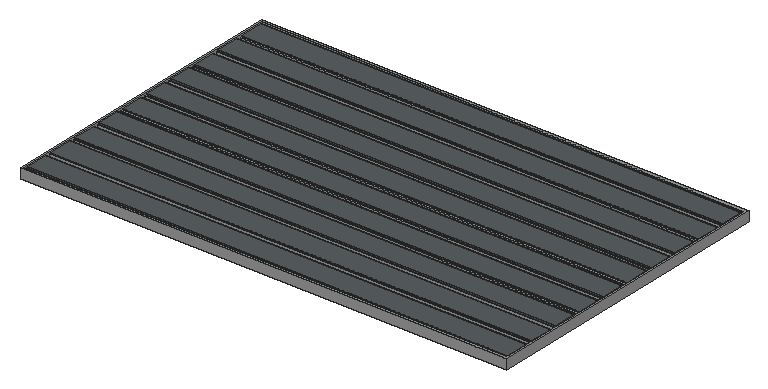
Revit family "Flooring_Entrance-Flooring_emco_DIPLOMAT-Original", category Furniture Systems, host Face, Revit 2018
Family settings
  Host = Face
  Round Connector Dimension = Use Diameter
  Part Type = Normal
  OmniClass Number = 23.15.17.11.11
  OmniClass Title = Floor Toppings
  Cut with Voids When Loaded = No
  Shared = No
  Room Calculation Point = No
Parameters (values of type "Default - please load Revit Family Type Catalog")
  z_slot_width = if(Scraping edge, 15 mm, if(Brush strip, 19.5 mm, 5 mm))  # 5 mm
  z_slot_offest = z_insert_width + z_slot_width / 2  # 46.5 mm
  z_slot_no [instance] = z_insert_no - 1  # 9
  z_length_param [instance] = z_insert_no * z_insert_offset - z_insert_offset + z_insert_width + 10 mm  # 495 mm
  z_insert_length [instance] = Width - 10 mm  # 790 mm
  z_insert_width = if(Large, 44 mm, 27.5 mm)  # 44 mm
  z_insert_offset = z_insert_width + z_slot_width  # 49 mm
  z_insert_no [instance] = rounddown((Length - 10 mm - z_insert_width) / z_insert_offset) + 1  # 10
  z_edge_height = if(Height 12, 15.5 mm, if(Height 17, 20 mm, 25 mm))  # 15.5 mm
  z_Height = if(Height 12, 12 mm, if(Height 17, 17 mm, 22 mm))  # 12 mm
  Width [instance] = 800 mm
  Weight (kg/m2) = 77
  Version = 1
  URL = "https://www.emco-bau.com/en/"
  Tread surface = "Recessed, robust, weather-proof, ribbed carpet strips."
  Standard profile clearance approx. (mm) = "5 mm, rubber spacers"  # constant formula
  Slip resistance = "R 11 slip resistance as per DIN 51130"
  Scraping edge = no
  Profile width (mm) = "44 mm"
  Profile Material = Emco - Metal - Aluminium
  Product data url = "https://bimobject.com/emco-bautechnik-gmbh/product/emco-diplomat-original"
  Product Material info [instance] = "Please choose the material from Emco material library according to the selected type."  # constant formula
  Product Material [instance] = Emco - Fabric - Ribbed carpet - 200 Anthracite
  Pile material = "100% PP (polypropylene)"
  Normal = not(Large)  # no
  Model = "Large With ribbed carpet insert 512 LR"
  Manufacturer = "Emco"  # constant formula
  Length [instance] = 500 mm
  Large = yes
  Keynote = "12480.A1"
  Height 22 = no
  Height 17 = no
  Height 12 = yes
  Flammability = "Insert for Light Grey and Anthracite ribbed carpet colours available on request (surcharge applicable) with fire classification Cfl-s1 according to EN 13501."
  EPIMID = "99817"
  Description = "Rollable and hard-wearing original entrance mat with standard insert for supported installation options."  # constant formula
  Default Elevation = 1219.2 mm
  Date Updated = "2023/08/22"  # constant formula
  Date Created = "2023/08/22"  # constant formula
  Colour fastness to water ISO 105 E01 = "good 5"
  Colour fastness to rubbing ISO 105 X12 = "good 4"
  Colour fastness to artificial light ISO 105-B02 = "good 6"
  Cassette brush = no
  Brush Colour Info [instance] = "Black or Gray"  # constant formula
  Brush Colour [instance] = Emco - Brush - Gray
  Brush strip = no
  Assembly Code = "E2010400"
Reference planes
  plane 1 "Center (Front/Back)": y = 0
  plane 2: z = 0
  plane 3 "Center (Left/Right)": x = 0
  plane 4: y = -247.5
  plane 5: y = 247.5
  plane 6: y = 250
  plane 7: y = -250
  plane 8: x = -400
  plane 9: x = 400
  plane 10: z = -12.5
  plane 11: y = -242.5
  plane 12: z = -15.5
  plane 13: y = -196
Forms (mm)
  Extrusion 1, void
    sketch origin (0, 0, 0) x (1, 0, 0) y (0, 1, 0)
      loop
        line (-400, -247.5) -> (400, -247.5) -> (400, 247.5) -> (-400, 247.5) -> (-400, -247.5)
    from -15.5 to 0
  Sweep 2, solid, material "Emco - Metal - Aluminium" <- "Profile Material"
    path origin (0, 0, 0) x (1, 0, 0) y (0, 1, 0)
      loop
        line (-400, 247.5) -> (-400, -247.5) -> (400, -247.5) -> (400, 247.5) -> (-400, 247.5)
    profile origin (0, 247.5, 0) x (0, 1, 0) y (0, 0, 1)
      loop
        line (-16.883, -12.5) -> (-16.883, -15.5) -> (0, -15.5) -> (0, 0) -> (-3.039, 0) -> (-3.039, -12.5) -> (-16.883, -12.5)
Lines and regions (mm)
  Masking region 1
    outline origin (0, 0, 0) x (1, 0, 0) y (0, 1, 0)
      loop
        line (-400, -247.5) -> (400, -247.5) -> (400, 247.5) -> (-400, 247.5) -> (-400, -247.5)
      loop
        line (-395, 242.5) -> (-395, -242.5) -> (395, -242.5) -> (395, 242.5) -> (-395, 242.5)
  reference lines
    curve 1: line (0, 0, -15.5) -> (0, 0, 4.5)
Dimensions and locks
  equal spacing: plane 5, plane 1 "Center (Front/Back)", plane 4
  "z_length_param": plane 5 to plane 4
  equal spacing: plane 6, plane 1 "Center (Front/Back)", plane 7
  "Length": plane 6 to plane 7
  equal spacing: plane 8, plane 3 "Center (Left/Right)", plane 9
  "Width": plane 8 to plane 9
  locked: plane 10 to Sweep 2 sketch curve at 3
  "z_edge_height": Sweep 2 sketch curve to Sweep 2 sketch curve
  locked: Sweep 2 sketch curve to profile plane at 3.039
  locked: plane 11 to plane 4 at 5
  locked: plane 12 to plane 10 at 3
  "z_edge_height": level to plane 12
  "z_slot_offest": plane 13 to plane 11
  equal spacing: group 2, group 3, group 4, group 5, group 6, group 7, group 8, group 16, group 17  (x3)
  "z_insert_offset": nested 3 to plane 13
  locked: nested 1 to plane 4 at 5
  locked: plane 8 to Masking region 1 sketch curve at 5
  locked: plane 5 to Masking region 1 sketch curve at 5
  locked: Masking region 1 sketch curve to plane 9 at 5
  equal spacing: group 1, group 9, group 10, group 11, group 12, group 13, group 14, group 15, group 18, group 19  (x3)
  "z_insert_offset": plane 11 to nested 9
  aligned and locked: plane 2 to host face
  aligned and locked: level to host face
  aligned and locked: Extrusion 1 sketch curve to plane 4
  aligned and locked: Extrusion 1 sketch curve to plane 8
  aligned and locked: plane 5 to Extrusion 1 sketch curve
  aligned and locked: plane 9 to Extrusion 1 sketch curve
  aligned and locked: Sweep 2 sketch curve to plane 5
  aligned and locked: plane 8 to Sweep 2 sketch curve
  aligned and locked: plane 4 to Sweep 2 sketch curve
  aligned and locked: Sweep 2 sketch curve to plane 9
  aligned and locked: plane 10 to Sweep 2 sketch curve
  aligned and locked: Sweep 2 sketch curve to profile plane
  aligned and locked: nested 1 to plane 11
  aligned and locked: Extrusion 1 to Sweep 2
  aligned and locked: nested 2 to plane 13
  aligned and locked: nested 2 to plane 10
  aligned and locked: nested 3 to plane 10
  aligned and locked: Masking region 1 sketch curve to Sweep 2  (x4)
  aligned and locked: nested 1 to plane 10  (x2)
  aligned and locked: nested 9 to plane 10
Automatic sketch dimensions
  host sketch curve to host sketch curve = 2438.4 mm  (x2)
  Masking region 1 sketch curve to plane 11 = 0 mm
  curve 1 to plane 1 "Center (Front/Back)" = 0 mm
  plane 12 to curve 1 = 0 mm
  level to curve 1 = 4.5 mm
  Sweep 2 sketch curve to Sweep 2 sketch curve = 13.844 mm
Nested families
  nested 1: "Insert Diplomat" at (0, -242.5, -12.5), type "Insert"
    with Normal brush no, Large mat yes, Normal no, Large yes, Cassette brush no
  nested 2: "Insert additional" at (0, -196, -12.5), type "Insert"
  nested 3: "Insert additional" at (0, -147, -12.5), type "Insert"
  nested 4: "Insert additional" at (0, -98, -12.5), type "Insert"
  nested 5: "Insert additional" at (0, -49, -12.5), type "Insert"
  nested 6: "Insert additional" at (0, 0, -12.5), type "Insert"
  nested 7: "Insert additional" at (0, 49, -12.5), type "Insert"
  nested 8: "Insert additional" at (0, 98, -12.5), type "Insert"
  nested 9: "Insert Diplomat" at (0, -193.5, -12.5), type "Insert"
    with Normal brush no, Large mat yes, Normal no, Large yes, Cassette brush no
  nested 10: "Insert Diplomat" at (0, -144.5, -12.5), type "Insert"
    with Normal brush no, Large mat yes, Normal no, Large yes, Cassette brush no
  nested 11: "Insert Diplomat" at (0, -95.5, -12.5), type "Insert"
    with Normal brush no, Large mat yes, Normal no, Large yes, Cassette brush no
  nested 12: "Insert Diplomat" at (0, -46.5, -12.5), type "Insert"
    with Normal brush no, Large mat yes, Normal no, Large yes, Cassette brush no
  nested 13: "Insert Diplomat" at (0, 2.5, -12.5), type "Insert"
    with Normal brush no, Large mat yes, Normal no, Large yes, Cassette brush no
  nested 14: "Insert Diplomat" at (0, 51.5, -12.5), type "Insert"
    with Normal brush no, Large mat yes, Normal no, Large yes, Cassette brush no
  nested 15: "Insert Diplomat" at (0, 100.5, -12.5), type "Insert"
    with Normal brush no, Large mat yes, Normal no, Large yes, Cassette brush no
  nested 16: "Insert additional" at (0, 147, -12.5), type "Insert"
  nested 17: "Insert additional" at (0, 196, -12.5), type "Insert"
  nested 18: "Insert Diplomat" at (0, 149.5, -12.5), type "Insert"
    with Normal brush no, Large mat yes, Normal no, Large yes, Cassette brush no
  nested 19: "Insert Diplomat" at (0, 198.5, -12.5), type "Insert"
    with Normal brush no, Large mat yes, Normal no, Large yes, Cassette brush no
Definition of nested family "Insert Diplomat"
  Parameters (values of type "Insert")
    z_offest = if(Insert height < 17 mm, 5.9 mm, if(Insert height > 17 mm, 7.7 mm, 7.8 mm))  # 5.9 mm
    Normal mat = and(Normal, not(Cassette brush))  # no
    Normal brush = and(Normal, Cassette brush)  # yes
    Large mat = and(Large, not(Cassette brush))  # no
    Large brush = and(Large, Cassette brush)  # no
    Insert width = 790 mm
    Profile material = none
    Normal = yes
    Mat material = none
    Large = no
    Insert height = 12 mm
    Default Elevation = 1219.2 mm
    Cassette brush = yes
    Brush material = none
  Reference planes
    plane 1 "Center (Front/Back)": y = 0
    plane 2: z = 0
    plane 3 "Center (Left/Right)": x = 0
    plane 4: x = -395
    plane 5: x = 395
    plane 6: z = 12
    plane 7: z = 6.1
    plane 8: z = 9.5
  Forms (mm)
    Extrusion 1, solid, material <- "Profile material", visible <- "Normal", detail levels fine
      sketch origin (0, 13.75, 0) x (0, 1, 0) y (0, 0, 1)
        loop
          line (-13.75, 1) -> (13.75, 1) -> (13.75, 10.6) -> (10.75, 10.6) -> (10.75, 9.6) -> (12.75, 9.6) -> (12.75, 6.1) -> (3.05, 6.1) -> (3.05, 5.1) -> (12.75, 5.1) -> (12.75, 2) -> (-12.75, 2) -> (-12.75, 5.1) -> (-3.05, 5.1) -> (-3.05, 6.1) -> (-12.75, 6.1) -> (-12.75, 9.6) -> (-10.75, 9.6) -> (-10.75, 10.6) -> (-13.75, 10.6) -> (-13.75, 1)
      from -395 to 395
    Extrusion 2, solid, visible <- "Normal", detail levels fine
      sketch origin (0, 13.75, 0) x (0, 1, 0) y (0, 0, 1)
        loop
          line (-11.5, 0) -> (11.5, 0) -> (11.5, 1) -> (-11.5, 1) -> (-11.5, 0)
      from -395 to 395
    Extrusion 3, solid, material <- "Profile material", visible <- "Normal mat", detail levels coarse+medium
      sketch origin (0, 13.75, 0) x (0, 1, 0) y (0, 0, 1)
        loop
          line (-13.75, 0) -> (13.75, 0) -> (13.75, 12) -> (-13.75, 12) -> (-13.75, 0)
      from -395 to 395
    Extrusion 4, solid, material <- "Mat material", visible <- "Normal mat", detail levels fine
      sketch origin (0, 13.75, 0) x (0, 1, 0) y (0, 0, 1)
        loop
          line (-10.5, 12) -> (-10.5, 6.1) -> (10.5, 6.1) -> (10.5, 12) -> (-10.5, 12)
      from -395 to 395
    Extrusion 5, solid, material <- "Profile material", visible <- "Large", detail levels fine
      sketch origin (0, 22, 0) x (0, 1, 0) y (0, 0, 1)
        loop
          line (-22, 1) -> (22, 1) -> (22, 10.6) -> (19, 10.6) -> (19, 9.6) -> (21, 9.6) -> (21, 6.1) -> (13.8, 6.1) -> (13.8, 5.1) -> (21, 5.1) -> (21, 2) -> (0.5, 2) -> (0.5, 5.1) -> (7.7, 5.1) -> (7.7, 6.1) -> (-7.7, 6.1) -> (-7.7, 5.1) -> (-0.5, 5.1) -> (-0.5, 2) -> (-21, 2) -> (-21, 5.1) -> (-13.8, 5.1) -> (-13.8, 6.1) -> (-21, 6.1) -> (-21, 9.6) -> (-19, 9.6) -> (-19, 10.6) -> (-22, 10.6) -> (-22, 1)
      from -395 to 395
    Extrusion 6, solid, visible <- "Large", detail levels fine
      sketch origin (0, 22, 0) x (0, 1, 0) y (0, 0, 1)
        loop
          line (-20, 0) -> (20, 0) -> (20, 1) -> (-20, 1) -> (-20, 0)
      from -395 to 395
    Extrusion 7, solid, material <- "Profile material", visible <- "Large mat", detail levels coarse+medium
      sketch origin (0, 22, 0) x (0, 1, 0) y (0, 0, 1)
        loop
          line (-22, 0) -> (22, 0) -> (22, 12) -> (-22, 12) -> (-22, 0)
      from -395 to 395
    Extrusion 8, solid, material <- "Mat material", visible <- "Large mat", detail levels fine
      sketch origin (0, 22, 0) x (0, 1, 0) y (0, 0, 1)
        loop
          line (-18.75, 12) -> (-18.75, 6.1) -> (18.75, 6.1) -> (18.75, 12) -> (-18.75, 12)
      from -395 to 395
    Extrusion 9, solid, visible <- "Normal brush", detail levels fine
      sketch origin (0, 13.75, 0) x (0, 1, 0) y (0, 0, 1)
        loop
          line (-10.75, 9.5) -> (-10.75, 6.1) -> (10.75, 6.1) -> (10.75, 9.5) -> (-10.75, 9.5)
      from -395 to 395
    Extrusion 10, solid, visible <- "Large brush", detail levels fine
      sketch origin (0, 22, 0) x (0, 1, 0) y (0, 0, 1)
        loop
          line (-19, 9.5) -> (-19, 6.1) -> (19, 6.1) -> (19, 9.5) -> (-19, 9.5)
      from -395 to 395
    Extrusion 11, solid, material <- "Brush material", visible <- "Normal brush"
      sketch origin (0, 0, 0) x (1, 0, 0) y (0, 1, 0)
        loop
          line (-389, 4.25) -> (389, 4.25)
          arc (389, 4.25) -> (391.121, 5.129) -> (392, 7.25) r 3
          line (392, 7.25) -> (392, 20.25)
          arc (392, 20.25) -> (391.121, 22.371) -> (389, 23.25) r 3
          line (389, 23.25) -> (-389, 23.25)
          arc (-389, 23.25) -> (-391.121, 22.371) -> (-392, 20.25) r 3
          line (-392, 20.25) -> (-392, 7.25)
          arc (-392, 7.25) -> (-391.121, 5.129) -> (-389, 4.25) r 3
      from 9.5 to 12
    Extrusion 12, solid, material <- "Brush material", visible <- "Large brush"
      sketch origin (0, 0, 0) x (1, 0, 0) y (0, 1, 0)
        loop
          line (-389, 4.25) -> (389, 4.25)
          arc (389, 4.25) -> (391.121, 5.129) -> (392, 7.25) r 3
          line (392, 7.25) -> (392, 36.75)
          arc (392, 36.75) -> (391.121, 38.871) -> (389, 39.75) r 3
          line (389, 39.75) -> (-389, 39.75)
          arc (-389, 39.75) -> (-391.121, 38.871) -> (-392, 36.75) r 3
          line (-392, 36.75) -> (-392, 7.25)
          arc (-392, 7.25) -> (-391.121, 5.129) -> (-389, 4.25) r 3
      from 9.5 to 12
    Extrusion 13, solid, material <- "Profile material", visible <- "Normal brush", detail levels coarse+medium
      sketch origin (0, 13.75, 0) x (0, 1, 0) y (0, 0, 1)
        loop
          line (-13.75, 0) -> (13.75, 0) -> (13.75, 9.5) -> (-13.75, 9.5) -> (-13.75, 0)
      from -395 to 395
    Extrusion 14, solid, material <- "Profile material", visible <- "Large brush", detail levels coarse+medium
      sketch origin (0, 22, 0) x (0, 1, 0) y (0, 0, 1)
        loop
          line (-22, 0) -> (22, 0) -> (22, 9.5) -> (-22, 9.5) -> (-22, 0)
      from -395 to 395
  Lines and regions (mm)
    Masking region 1, visible <- "Large"
      outline origin (0, 0, 0) x (1, 0, 0) y (0, 1, 0)
        loop
          line (-395, 0) -> (395, 0) -> (395, 44) -> (-395, 44) -> (-395, 0)
    Masking region 2, visible <- "Normal"
      outline origin (0, 0, 0) x (1, 0, 0) y (0, 1, 0)
        loop
          line (-395, 0) -> (395, 0) -> (395, 27.5) -> (-395, 27.5) -> (-395, 0)
    symbolic lines, visible <- "Normal", detail levels fine
      curve 1: line (-395, 24.25, 0) -> (395, 24.25, 0)
    symbolic lines, detail levels fine
      curve 2: line (395, 3.25, 0) -> (-395, 3.25, 0)
    symbolic lines, visible <- "Large", detail levels fine
      curve 3: line (-395, 40.75, 0) -> (395, 40.75, 0)
  Dimensions and locks
    equal spacing: plane 4, plane 3 "Center (Left/Right)", plane 5
    "Insert width": plane 4 to plane 5
    "Insert height": plane 6 to level
    "z_offest": plane 6 to plane 7
    locked: plane 7 to Extrusion 5 sketch curve at 1  (x3)
    locked: Extrusion 5 sketch curve to plane 7 at 1
    Extrusion 5 sketch curve to Extrusion 5 sketch curve to Extrusion 5 sketch curve to level = 0 mm locked, 1 mm locked, 1 mm locked
    locked: plane 7 to Extrusion 1 sketch curve at 1  (x2)
    Extrusion 1 sketch curve to Extrusion 1 sketch curve to level = 1 mm locked, 1 mm locked
    locked: Extrusion 2 sketch curve to level at 1
    locked: Extrusion 6 sketch curve to level at 1
    Extrusion 5 sketch curve to Extrusion 5 sketch curve to plane 7 = 1 mm locked, 3.5 mm locked  (x2)
    Extrusion 1 sketch curve to Extrusion 1 sketch curve to plane 7 = 1 mm locked, 3.5 mm locked  (x2)
    locked: plane 6 to plane 8 at 2.5
    locked: Extrusion 12 sketch curve to plane 5 at 3
    locked: Extrusion 12 sketch curve to plane 4 at 3
    locked: Extrusion 11 sketch curve to plane 5 at 3
    locked: Extrusion 11 sketch curve to plane 4 at 3
    aligned and locked: level to plane 2
    aligned and locked: Extrusion 8 to plane 4
    aligned and locked: Extrusion 7 to plane 4
    aligned and locked: Extrusion 4 to plane 4
    aligned and locked: Extrusion 3 to plane 4
    aligned and locked: Extrusion 5 to plane 4
    aligned and locked: Extrusion 1 to plane 4
    aligned and locked: Extrusion 6 to plane 4
    aligned and locked: Extrusion 2 to plane 4
    aligned and locked: plane 5 to Extrusion 8
    aligned and locked: plane 5 to Extrusion 7
    aligned and locked: plane 5 to Extrusion 3
    aligned and locked: plane 5 to Extrusion 4
    aligned and locked: plane 5 to Extrusion 5
    aligned and locked: plane 5 to Extrusion 1
    aligned and locked: plane 5 to Extrusion 6
    aligned and locked: plane 5 to Extrusion 2
    aligned and locked: Extrusion 7 sketch curve to level
    aligned and locked: plane 6 to Extrusion 7 sketch curve
    aligned and locked: plane 6 to Extrusion 3 sketch curve
    aligned and locked: Extrusion 3 sketch curve to level
    aligned and locked: plane 7 to Extrusion 4 sketch curve
    aligned and locked: Extrusion 4 sketch curve to plane 6
    aligned and locked: plane 7 to Extrusion 8 sketch curve
    aligned and locked: Extrusion 8 sketch curve to plane 6
    aligned and locked: plane 7 to Extrusion 5 sketch curve
    aligned and locked: Extrusion 5 sketch curve to plane 7  (x2)
    aligned and locked: plane 7 to Extrusion 1 sketch curve
    aligned and locked: Extrusion 1 sketch curve to plane 7
    aligned and locked: Masking region 1 sketch curve to Extrusion 7  (x2)
    aligned and locked: Masking region 2 sketch curve to Extrusion 3  (x2)
    aligned and locked: plane 8 to Extrusion 14 sketch curve
    aligned and locked: plane 8 to Extrusion 13 sketch curve
    aligned and locked: plane 7 to Extrusion 10 sketch curve
    aligned and locked: Extrusion 10 sketch curve to plane 8
    aligned and locked: Extrusion 14 to plane 4
    aligned and locked: Extrusion 13 to plane 4
    aligned and locked: Extrusion 10 to plane 4
    aligned and locked: Extrusion 9 to plane 4
    aligned and locked: plane 5 to Extrusion 14
    aligned and locked: plane 5 to Extrusion 10
    aligned and locked: plane 5 to Extrusion 13
    aligned and locked: plane 5 to Extrusion 9
    aligned and locked: Extrusion 12 to plane 8
    aligned and locked: Extrusion 11 to plane 8
    aligned and locked: plane 6 to Extrusion 12
    aligned and locked: plane 6 to Extrusion 11
  Automatic sketch dimensions
    Extrusion 1 sketch curve to plane 1 "Center (Front/Back)" = 0 mm
    Extrusion 1 sketch curve to Extrusion 1 sketch curve = 1 mm  (x2)
    Extrusion 1 sketch curve to Extrusion 1 sketch curve = 0 mm  (x2)
    Extrusion 1 sketch curve to Extrusion 1 sketch curve = 2 mm  (x2)
    Extrusion 1 sketch curve to plane 1 "Center (Front/Back)" = 10.7 mm
    Extrusion 1 sketch curve to plane 1 "Center (Front/Back)" = 16.8 mm
    Extrusion 1 sketch curve to Extrusion 1 sketch curve = 7.7 mm
    Extrusion 2 sketch curve to level = 0 mm
    Extrusion 2 sketch curve to plane 1 "Center (Front/Back)" = 2.25 mm
    Extrusion 2 sketch curve to plane 1 "Center (Front/Back)" = 25.25 mm
    Extrusion 6 sketch curve to level = 0 mm
    Extrusion 6 sketch curve to plane 1 "Center (Front/Back)" = 2 mm
    Extrusion 6 sketch curve to plane 1 "Center (Front/Back)" = 42 mm
    plane 1 "Center (Front/Back)" to Extrusion 7 sketch curve = 0 mm
    Extrusion 7 sketch curve to plane 1 "Center (Front/Back)" = 44 mm
    Extrusion 3 sketch curve to plane 1 "Center (Front/Back)" = 0 mm
    Extrusion 3 sketch curve to plane 1 "Center (Front/Back)" = 27.5 mm
    Extrusion 4 sketch curve to plane 1 "Center (Front/Back)" = 3.25 mm
    Extrusion 4 sketch curve to plane 1 "Center (Front/Back)" = 24.25 mm
    Extrusion 8 sketch curve to plane 1 "Center (Front/Back)" = 3.25 mm
    Extrusion 8 sketch curve to plane 1 "Center (Front/Back)" = 40.75 mm
    plane 1 "Center (Front/Back)" to Extrusion 5 sketch curve = 0 mm
    Extrusion 5 sketch curve to Extrusion 5 sketch curve = 1 mm  (x3)
    Extrusion 5 sketch curve to Extrusion 5 sketch curve = 2 mm  (x2)
    Extrusion 5 sketch curve to Extrusion 5 sketch curve = 5.2 mm  (x2)
    Extrusion 5 sketch curve to Extrusion 5 sketch curve = 6.1 mm  (x2)
    Extrusion 5 sketch curve to plane 1 "Center (Front/Back)" = 21.5 mm
    Extrusion 5 sketch curve to plane 1 "Center (Front/Back)" = 22.5 mm
    Extrusion 5 sketch curve to Extrusion 5 sketch curve = 7.2 mm  (x2)
    plane 1 "Center (Front/Back)" to Masking region 1 sketch curve = 0 mm
    Masking region 1 sketch curve to plane 1 "Center (Front/Back)" = 44 mm
    plane 1 "Center (Front/Back)" to Masking region 2 sketch curve = 0 mm
    Masking region 2 sketch curve to plane 1 "Center (Front/Back)" = 27.5 mm
    curve 3 to plane 4 = 0 mm
    curve 2 to plane 4 = 0 mm
    curve 1 to plane 4 = 0 mm
    curve 2 to plane 5 = 0 mm
    curve 3 to plane 5 = 0 mm
    curve 1 to plane 5 = 0 mm
    curve 2 to plane 1 "Center (Front/Back)" = 3.25 mm
    curve 2 to curve 1 = 21 mm
    curve 1 to curve 3 = 16.5 mm
    Extrusion 14 sketch curve to plane 1 "Center (Front/Back)" = 0 mm
    Extrusion 14 sketch curve to level = 0 mm
    Extrusion 14 sketch curve to plane 1 "Center (Front/Back)" = 44 mm
    Extrusion 13 sketch curve to plane 1 "Center (Front/Back)" = 0 mm
    Extrusion 13 sketch curve to level = 0 mm
    Extrusion 13 sketch curve to plane 1 "Center (Front/Back)" = 27.5 mm
    Extrusion 10 sketch curve to plane 1 "Center (Front/Back)" = 3 mm
    Extrusion 10 sketch curve to Extrusion 10 sketch curve = 38 mm
    Extrusion 9 sketch curve to plane 7 = 0 mm
    Extrusion 9 sketch curve to plane 8 = 0 mm
    Extrusion 9 sketch curve to plane 1 "Center (Front/Back)" = 3 mm
    Extrusion 9 sketch curve to Extrusion 9 sketch curve = 21.5 mm
    Extrusion 12 sketch curve to Extrusion 12 sketch curve = 3 mm  (x3)
    plane 4 to Extrusion 12 sketch curve = 6 mm
    Extrusion 12 sketch curve to plane 1 "Center (Front/Back)" = 4.25 mm
    Extrusion 12 sketch curve to Extrusion 12 sketch curve = 29.5 mm
    Extrusion 11 sketch curve to Extrusion 11 sketch curve = 3 mm  (x2)
    plane 4 to Extrusion 11 sketch curve = 6 mm  (x2)
    Extrusion 11 sketch curve to plane 1 "Center (Front/Back)" = 4.25 mm
    Extrusion 11 sketch curve to Extrusion 11 sketch curve = 13 mm
Definition of nested family "Insert additional"
  Parameters (values of type "Insert")
    z_offest = if(Insert height < 17 mm, 4.5 mm, if(Insert height > 17 mm, 10.6 mm, 7.8 mm))  # 4.5 mm
    Insert width = 5 mm
    Scraping_edge_17/22 = and(or(Insert height = 17 mm, Insert height = 22 mm), Scraping edge)  # no
    Scraping_edge_12 = and(Insert height = 12 mm, Scraping edge)  # no
    Scraping edge = no
    None = not(or(Brush strip, Scraping edge))  # yes
    Insert length = 790 mm
    Profile material = none
    Insert height = 12 mm
    Brush strip material = none
    Brush strip = no
  Reference planes
    plane 1 "Center (Front/Back)": y = 0
    plane 2: z = 0
    plane 3 "Center (Left/Right)": x = 0
    plane 4: x = -395
    plane 5: x = 395
    plane 6: z = 12
    plane 7: z = 7.5
    plane 8: y = -2.5
    plane 9: y = 2.5
  Forms (mm)
    Extrusion 1, solid, material <- "Profile material", visible <- "Brush strip", detail levels fine
      sketch origin (0, 0, 0) x (0, 1, 0) y (0, 0, 1)
        loop
          line (-4.75, 1) -> (4.75, 1) -> (4.75, 8.3)
          arc (4.75, 8.3) -> (4.369, 9.219) -> (3.45, 9.6) r 1.3
          line (3.45, 9.6) -> (2.1, 9.6) -> (2.1, 8.6) -> (3.75, 8.6) -> (3.75, 5.6) -> (-3.75, 5.6) -> (-3.75, 8.6) -> (-2.1, 8.6) -> (-2.1, 9.6) -> (-3.45, 9.6)
          arc (-3.45, 9.6) -> (-4.369, 9.219) -> (-4.75, 8.3) r 1.3
          line (-4.75, 8.3) -> (-4.75, 1)
        loop
          line (3.75, 4.6) -> (-3.75, 4.6) -> (-3.75, 2.4) -> (3.75, 2.4) -> (3.75, 4.6)
      from -395 to 395
    Extrusion 2, solid, material <- "Profile material", visible <- "Brush strip", detail levels coarse+medium
      sketch origin (0, 0, 0) x (0, 1, 0) y (0, 0, 1)
        loop
          line (-4.75, 1) -> (4.75, 1) -> (4.75, 12) -> (-4.75, 12) -> (-4.75, 1)
      from -395 to 395
    Extrusion 3, solid, material <- "Brush strip material", visible <- "Brush strip", detail levels fine
      sketch origin (0, 0, 0) x (0, 1, 0) y (0, 0, 1)
        loop
          line (-2, 12) -> (-2, 7.5) -> (2, 7.5) -> (2, 12) -> (-2, 12)
      from -395 to 395
    Extrusion 4, solid, visible <- "Brush strip"
      sketch origin (0, 0, 0) x (0, 1, 0) y (0, 0, 1)
        loop
          line (-2.5, 1.25) -> (-2.5, 7.5) -> (-4.75, 7.5) -> (-4.75, 1.25) -> (-2.5, 1.25)
        loop
          line (4.75, 1.25) -> (4.75, 7.5) -> (2.5, 7.5) -> (2.5, 1.25) -> (4.75, 1.25)
      from -395 to 395
    Extrusion 5, solid, visible <- "None"
      sketch origin (0, 0, 0) x (0, 1, 0) y (0, 0, 1)
        loop
          line (-2.5, 1.25) -> (2.5, 1.25) -> (2.5, 7.5) -> (-2.5, 7.5) -> (-2.5, 1.25)
      from -395 to 395
    Extrusion 6, solid, material <- "Profile material", visible <- "Scraping_edge_17/22"
      sketch origin (0, 0, 0) x (0, 1, 0) y (0, 0, 1)
        loop
          line (-1.5, 1) -> (1.5, 1) -> (1.5, 4.831)
          arc (1.5, 4.831) -> (1.894, 6.584) -> (3, 8) r 4.097
          line (3, 8) -> (3, 10) -> (2, 11) -> (0, 9) -> (-2, 11) -> (-3, 10) -> (-3, 8)
          arc (-3, 8) -> (-1.894, 6.584) -> (-1.5, 4.831) r 4.097
          line (-1.5, 4.831) -> (-1.5, 1)
      from -395 to 395
    Extrusion 7, solid, visible <- "Scraping edge"
      sketch origin (0, 0, 0) x (0, 1, 0) y (0, 0, 1)
        loop
          line (-2.5, 1.25) -> (-1.5, 1.25) -> (-1.5, 7.5) -> (-2.5, 7.5) -> (-2.5, 1.25)
        loop
          line (1.5, 1.25) -> (2.5, 1.25) -> (2.5, 7.5) -> (1.5, 7.5) -> (1.5, 1.25)
      from -395 to 395
    Extrusion 8, solid, material <- "Profile material", visible <- "Scraping_edge_12"
      sketch origin (0, 0, 0) x (0, 1, 0) y (0, 0, 1)
        loop
          line (-1.5, 1) -> (1.5, 1) -> (1.5, 8.5) -> (2.482, 9.732) -> (2, 11.5) -> (1, 10.5) -> (0, 11.5) -> (-1, 10.5) -> (-2, 11.5) -> (-2.482, 9.732) -> (-1.5, 8.5) -> (-1.5, 1)
      from -395 to 395
  Lines and regions (mm)
    Masking region 1
      outline origin (0, 0, 0) x (1, 0, 0) y (0, 1, 0)
        loop
          line (-395, -2.5) -> (395, -2.5) -> (395, 2.5) -> (-395, 2.5) -> (-395, -2.5)
    reference lines
      curve 1: line (0, -2.5, 0) -> (0, 2.5, 0)
    symbolic lines, visible <- "Brush strip", detail levels fine
      curve 2: line (-395, 4.75, 0) -> (395, 4.75, 0)
      curve 3: line (395, -4.75, 0) -> (-395, -4.75, 0)
      curve 4: line (-395, -2, 0) -> (395, -2, 0)
      curve 5: line (395, 2, 0) -> (-395, 2, 0)
    symbolic lines, visible <- "Scraping edge", detail levels fine
      curve 6: line (-395, 2.482, 0) -> (395, 2.482, 0)
      curve 7: line (395, -2.482, 0) -> (-395, -2.482, 0)
      curve 8: line (-395, 0, 0) -> (395, 0, 0)
  Dimensions and locks
    equal spacing: plane 4, plane 3 "Center (Left/Right)", plane 5
    "Insert length": plane 4 to plane 5
    "Insert height": plane 6 to level
    "z_offest": plane 6 to plane 7
    locked: Extrusion 2 sketch curve to level at 1
    plane 6 to Extrusion 6 sketch curve to Extrusion 6 sketch curve to Extrusion 6 sketch curve to Extrusion 6 sketch curve to Extrusion 6 sketch curve to Extrusion 6 sketch curve to Extrusion 6 sketch curve = 1 mm locked, 0 mm locked, 1 mm locked, 0 mm locked, 1 mm locked, 1 mm locked, 0 mm locked
    Extrusion 1 sketch curve to Extrusion 1 sketch curve to level = 1.4 mm locked, 1 mm locked
    plane 7 to Extrusion 1 sketch curve to Extrusion 1 sketch curve = 1.9 mm locked, 1 mm locked
    plane 6 to Extrusion 1 sketch curve to Extrusion 1 sketch curve to Extrusion 1 sketch curve to Extrusion 1 sketch curve = 2.4 mm locked, 0 mm locked, 1 mm locked, 0 mm locked
    Extrusion 4 sketch curve to Extrusion 4 sketch curve to level = 0 mm locked, 1.25 mm locked
    Extrusion 7 sketch curve to Extrusion 7 sketch curve to level = 0 mm locked, 1.25 mm locked
    locked: Extrusion 5 sketch curve to level at 1.25
    Extrusion 6 sketch curve to plane 1 "Center (Front/Back)" to Extrusion 6 sketch curve = 3 mm locked, 3 mm locked
    Extrusion 6 sketch curve to plane 1 "Center (Front/Back)" to Extrusion 6 sketch curve = 1.5 mm locked, 1.5 mm locked
    plane 6 to Extrusion 6 sketch curve to Extrusion 6 sketch curve = 7.169 mm locked, 0 mm locked
    Extrusion 8 sketch curve to Extrusion 8 sketch curve to Extrusion 8 sketch curve to Extrusion 8 sketch curve to Extrusion 8 sketch curve to Extrusion 8 sketch curve to Extrusion 8 sketch curve to Extrusion 8 sketch curve to Extrusion 8 sketch curve to Extrusion 8 sketch curve to level = 0 mm locked, 0 mm locked, 1 mm locked, 0 mm locked, 0.768 mm locked, 0 mm locked, 1.232 mm locked, 0 mm locked, 7.5 mm locked, 1 mm locked
    Extrusion 8 sketch curve to plane 1 "Center (Front/Back)" to Extrusion 8 sketch curve = 1.5 mm locked, 1.5 mm locked
    Extrusion 8 sketch curve to Extrusion 8 sketch curve to Extrusion 8 sketch curve to plane 1 "Center (Front/Back)" to Extrusion 8 sketch curve to Extrusion 8 sketch curve to Extrusion 8 sketch curve = 0.482 mm locked, 1 mm locked, 1 mm locked, 1 mm locked, 1 mm locked, 0.482 mm locked
    equal spacing: plane 8, plane 1 "Center (Front/Back)", plane 9
    "Insert width": plane 8 to plane 9
    Extrusion 7 sketch curve to plane 1 "Center (Front/Back)" to Extrusion 7 sketch curve = 1.5 mm locked, 1.5 mm locked
    locked: Extrusion 6 sketch curve to level at 1
    aligned and locked: level to plane 2
    aligned and locked: Extrusion 3 to plane 4
    aligned and locked: Extrusion 2 to plane 4
    aligned and locked: Extrusion 1 to plane 4
    aligned and locked: plane 5 to Extrusion 3
    aligned and locked: plane 5 to Extrusion 2
    aligned and locked: plane 5 to Extrusion 1
    aligned and locked: plane 6 to Extrusion 2 sketch curve
    aligned and locked: plane 7 to Extrusion 3 sketch curve
    aligned and locked: Extrusion 3 sketch curve to plane 6
    aligned and locked: plane 7 to Extrusion 4 sketch curve
    aligned and locked: Extrusion 4 to plane 4
    aligned and locked: plane 5 to Extrusion 4
    aligned and locked: plane 7 to Extrusion 5 sketch curve
    aligned and locked: plane 5 to Extrusion 5
    aligned and locked: Extrusion 5 to plane 4
    aligned and locked: plane 7 to Extrusion 7 sketch curve  (x2)
    aligned and locked: plane 1 "Center (Front/Back)" to Extrusion 8 sketch curve
    aligned and locked: plane 8 to Extrusion 7 sketch curve
    aligned and locked: plane 9 to Extrusion 7 sketch curve
    aligned and locked: curve 1 to level
    aligned and locked: Extrusion 7 to plane 4
    aligned and locked: Extrusion 6 to plane 4
    aligned and locked: Extrusion 8 to plane 4
    aligned and locked: plane 5 to Extrusion 7
    aligned and locked: plane 5 to Extrusion 6
    aligned and locked: plane 5 to Extrusion 8
    aligned and locked: plane 9 to Extrusion 4 sketch curve
    aligned and locked: plane 8 to Extrusion 4 sketch curve
    aligned and locked: Masking region 1 sketch curve to Extrusion 4  (x2)
    aligned and locked: Extrusion 4 to Masking region 1 sketch curve  (x2)
  Automatic sketch dimensions
    plane 1 "Center (Front/Back)" to Extrusion 1 sketch curve = 3.75 mm
    Extrusion 1 sketch curve to Extrusion 1 sketch curve = 1 mm  (x2)
    Extrusion 1 sketch curve to Extrusion 1 sketch curve = 0.3 mm  (x3)
    Extrusion 1 sketch curve to Extrusion 1 sketch curve = 1.35 mm  (x2)
    Extrusion 1 sketch curve to plane 1 "Center (Front/Back)" = 2.1 mm
    Extrusion 1 sketch curve to plane 1 "Center (Front/Back)" = 3.75 mm
    plane 1 "Center (Front/Back)" to Extrusion 3 sketch curve = 2 mm
    Extrusion 3 sketch curve to plane 1 "Center (Front/Back)" = 2 mm
    plane 1 "Center (Front/Back)" to Extrusion 2 sketch curve = 4.75 mm
    Extrusion 2 sketch curve to plane 1 "Center (Front/Back)" = 4.75 mm
    Extrusion 6 sketch curve to plane 1 "Center (Front/Back)" = 0 mm
    curve 1 to plane 8 = 0 mm
    curve 1 to plane 9 = 0 mm
    Extrusion 4 sketch curve to plane 7 = 0 mm
    plane 1 "Center (Front/Back)" to Extrusion 4 sketch curve = 4.75 mm
    Extrusion 4 sketch curve to plane 1 "Center (Front/Back)" = 4.75 mm
    curve 2 to plane 4 = 0 mm
    plane 1 "Center (Front/Back)" to curve 8 = 0 mm
    curve 8 to plane 4 = 0 mm
    curve 7 to plane 4 = 0 mm
    curve 3 to plane 4 = 0 mm
    curve 4 to plane 4 = 0 mm
    curve 6 to plane 4 = 0 mm
    curve 5 to plane 4 = 0 mm
    curve 4 to plane 5 = 0 mm
    curve 6 to plane 5 = 0 mm
    curve 7 to plane 5 = 0 mm
    curve 3 to plane 5 = 0 mm
    curve 2 to plane 5 = 0 mm
    curve 8 to plane 5 = 0 mm
    curve 5 to plane 5 = 0 mm
    plane 1 "Center (Front/Back)" to curve 4 = 2 mm
    curve 7 to curve 4 = 0.482 mm
    curve 3 to curve 7 = 2.268 mm
    curve 5 to plane 1 "Center (Front/Back)" = 2 mm
    curve 5 to curve 6 = 0.482 mm
    curve 6 to curve 2 = 2.268 mm
    plane 1 "Center (Front/Back)" to Extrusion 5 sketch curve = 2.5 mm
    Extrusion 5 sketch curve to plane 1 "Center (Front/Back)" = 2.5 mm
